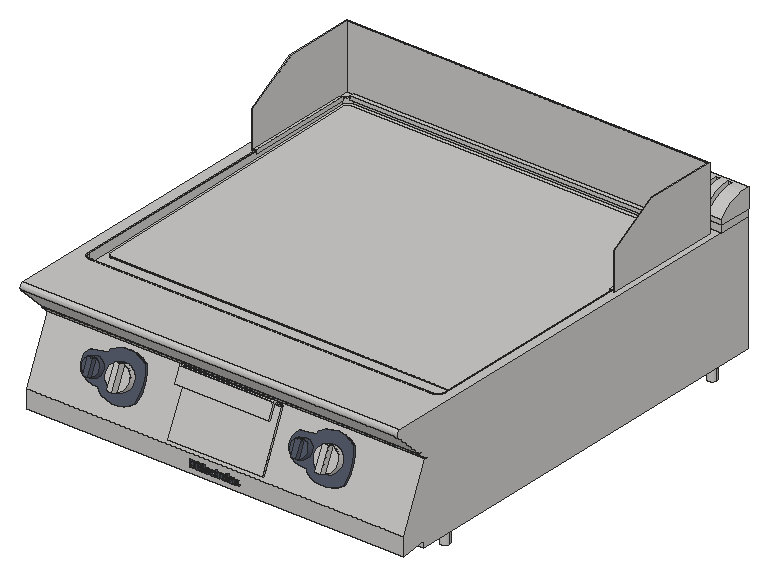
Revit family "QF_ELECTROLUXPROFESSIONAL_391054_E9FTGHCS00", category Specialty Equipment, Revit 2018 (continued)
Automatic sketch dimensions
  Extrusion 19 sketch curve to Extrusion 19 sketch curve = 0.176 mm
  Extrusion 19 sketch curve to Extrusion 19 sketch curve = 0.728 mm
  Extrusion 19 sketch curve to Extrusion 19 sketch curve = 3.375 mm  (x2)
  Extrusion 19 sketch curve to Extrusion 19 sketch curve = 0.541 mm
  Extrusion 19 sketch curve to Extrusion 19 sketch curve = 0.955 mm
  Extrusion 19 sketch curve to Extrusion 19 sketch curve = 1.251 mm
  Extrusion 19 sketch curve to Extrusion 19 sketch curve = 0.572 mm
  Extrusion 19 sketch curve to Extrusion 19 sketch curve = 1.92 mm
  Extrusion 19 sketch curve to Extrusion 19 sketch curve = 1.224 mm
  Extrusion 19 sketch curve to Extrusion 19 sketch curve = 0.745 mm
  Extrusion 19 sketch curve to Extrusion 19 sketch curve = 2.537 mm
  Extrusion 19 sketch curve to Extrusion 19 sketch curve = 0.896 mm  (x3)
  Extrusion 19 sketch curve to Extrusion 19 sketch curve = 0.036 mm
  Extrusion 19 sketch curve to Extrusion 19 sketch curve = 2.607 mm
  Extrusion 19 sketch curve to Extrusion 19 sketch curve = 0.066 mm
  Extrusion 19 sketch curve to Extrusion 19 sketch curve = 0.248 mm
  Extrusion 19 sketch curve to Extrusion 19 sketch curve = 0.449 mm
  Extrusion 19 sketch curve to Extrusion 19 sketch curve = 1.052 mm
  Extrusion 19 sketch curve to Extrusion 19 sketch curve = 1.863 mm
  Extrusion 19 sketch curve to Extrusion 19 sketch curve = 1.31 mm  (x2)
  Extrusion 19 sketch curve to Extrusion 19 sketch curve = 0.901 mm
  Extrusion 19 sketch curve to Extrusion 19 sketch curve = 1.107 mm
  Extrusion 19 sketch curve to Extrusion 19 sketch curve = 2.122 mm
  Extrusion 19 sketch curve to Extrusion 19 sketch curve = 2.101 mm
  Extrusion 19 sketch curve to Extrusion 19 sketch curve = 0.106 mm
  Extrusion 19 sketch curve to Extrusion 19 sketch curve = 0.029 mm
  Extrusion 19 sketch curve to Extrusion 19 sketch curve = 2.09 mm
  Extrusion 19 sketch curve to Extrusion 19 sketch curve = 1.279 mm
  Extrusion 19 sketch curve to Extrusion 19 sketch curve = 2.008 mm
  Extrusion 19 sketch curve to Extrusion 19 sketch curve = 0.738 mm
  Extrusion 19 sketch curve to Extrusion 19 sketch curve = 0.382 mm
  Extrusion 19 sketch curve to Extrusion 19 sketch curve = 0.384 mm
  Extrusion 19 sketch curve to Extrusion 19 sketch curve = 0.002 mm
  Extrusion 19 sketch curve to Extrusion 19 sketch curve = 0.561 mm
  Extrusion 19 sketch curve to Extrusion 19 sketch curve = 0.592 mm
  Extrusion 19 sketch curve to Extrusion 19 sketch curve = 2.692 mm
  Extrusion 19 sketch curve to Extrusion 19 sketch curve = 1.259 mm
  Extrusion 19 sketch curve to Extrusion 19 sketch curve = 0.802 mm
  Extrusion 19 sketch curve to Extrusion 19 sketch curve = 1.024 mm
  Extrusion 19 sketch curve to Extrusion 19 sketch curve = 0.682 mm
  Extrusion 19 sketch curve to Extrusion 19 sketch curve = 5.934 mm
  Extrusion 19 sketch curve to Extrusion 19 sketch curve = 2.186 mm
  Extrusion 19 sketch curve to Extrusion 19 sketch curve = 0.337 mm
  Extrusion 19 sketch curve to Extrusion 19 sketch curve = 0.021 mm
  Extrusion 19 sketch curve to Extrusion 19 sketch curve = 1.005 mm
  Extrusion 19 sketch curve to Extrusion 19 sketch curve = 0.552 mm
  Extrusion 19 sketch curve to Extrusion 19 sketch curve = 0.778 mm
  Extrusion 19 sketch curve to Extrusion 19 sketch curve = 0.063 mm
  Extrusion 19 sketch curve to Extrusion 19 sketch curve = 1.023 mm
  Extrusion 19 sketch curve to Extrusion 19 sketch curve = 3.804 mm
  Extrusion 19 sketch curve to Extrusion 19 sketch curve = 0.486 mm
  Extrusion 19 sketch curve to Extrusion 19 sketch curve = 0.266 mm
  Extrusion 19 sketch curve to Extrusion 19 sketch curve = 1.547 mm
  Extrusion 19 sketch curve to Extrusion 19 sketch curve = 0.717 mm  (x2)
  Extrusion 19 sketch curve to Extrusion 19 sketch curve = 1.667 mm
  Extrusion 19 sketch curve to Extrusion 19 sketch curve = 3.174 mm
  Extrusion 19 sketch curve to Extrusion 19 sketch curve = 0.388 mm
  Extrusion 19 sketch curve to Extrusion 19 sketch curve = 1.342 mm
  Extrusion 19 sketch curve to Extrusion 19 sketch curve = 1.521 mm
  Extrusion 19 sketch curve to Extrusion 19 sketch curve = 0.124 mm
  Extrusion 19 sketch curve to Extrusion 19 sketch curve = 0.291 mm
  Extrusion 19 sketch curve to Extrusion 19 sketch curve = 1.049 mm  (x2)
  Extrusion 19 sketch curve to Extrusion 19 sketch curve = 1.7 mm
  Extrusion 19 sketch curve to Extrusion 19 sketch curve = 0.894 mm
  Extrusion 19 sketch curve to Extrusion 19 sketch curve = 0.989 mm
  Extrusion 19 sketch curve to Extrusion 19 sketch curve = 1.168 mm
  Extrusion 19 sketch curve to Extrusion 19 sketch curve = 1.594 mm
  Extrusion 19 sketch curve to Extrusion 19 sketch curve = 0.731 mm
  Extrusion 19 sketch curve to Extrusion 19 sketch curve = 1.566 mm
  Extrusion 19 sketch curve to Extrusion 19 sketch curve = 0.064 mm
  Extrusion 19 sketch curve to Extrusion 19 sketch curve = 0.556 mm  (x2)
  Extrusion 19 sketch curve to Extrusion 19 sketch curve = 0.48 mm
  Extrusion 19 sketch curve to Extrusion 19 sketch curve = 0.228 mm
  Extrusion 19 sketch curve to Extrusion 19 sketch curve = 1.018 mm
  Extrusion 19 sketch curve to Extrusion 19 sketch curve = 0.787 mm
  Extrusion 19 sketch curve to Extrusion 19 sketch curve = 0.618 mm
  Extrusion 19 sketch curve to Extrusion 19 sketch curve = 1.672 mm
  Extrusion 19 sketch curve to Extrusion 19 sketch curve = 1.361 mm
  Extrusion 19 sketch curve to Extrusion 19 sketch curve = 0.822 mm
  Extrusion 19 sketch curve to Extrusion 19 sketch curve = 0.069 mm
  Extrusion 19 sketch curve to Extrusion 19 sketch curve = 1.88 mm
  Extrusion 19 sketch curve to Extrusion 19 sketch curve = 0.42 mm
  Extrusion 19 sketch curve to Extrusion 19 sketch curve = 0.062 mm
  Extrusion 19 sketch curve to Extrusion 19 sketch curve = 1.355 mm
  Extrusion 19 sketch curve to Extrusion 19 sketch curve = 2.34 mm
  Extrusion 19 sketch curve to Extrusion 19 sketch curve = 0.493 mm
  Extrusion 19 sketch curve to Extrusion 19 sketch curve = 0.136 mm
  Extrusion 19 sketch curve to Extrusion 19 sketch curve = 0.128 mm
  Extrusion 19 sketch curve to Extrusion 19 sketch curve = 3.616 mm
  Extrusion 19 sketch curve to Extrusion 19 sketch curve = 4.207 mm
  Extrusion 19 sketch curve to Extrusion 19 sketch curve = 0.183 mm
  Extrusion 19 sketch curve to Extrusion 19 sketch curve = 0.895 mm
  Extrusion 19 sketch curve to Extrusion 19 sketch curve = 1.314 mm
  Extrusion 19 sketch curve to Extrusion 19 sketch curve = 3.231 mm
  Extrusion 19 sketch curve to Extrusion 19 sketch curve = 1.299 mm
  Extrusion 19 sketch curve to Extrusion 19 sketch curve = 1.214 mm
  Extrusion 19 sketch curve to Extrusion 19 sketch curve = 1.264 mm
  Extrusion 19 sketch curve to Extrusion 19 sketch curve = 0.109 mm
  Extrusion 19 sketch curve to Extrusion 19 sketch curve = 0.357 mm
  Extrusion 19 sketch curve to Extrusion 19 sketch curve = 0.565 mm
  Extrusion 19 sketch curve to Extrusion 19 sketch curve = 2.504 mm
  Extrusion 19 sketch curve to Extrusion 19 sketch curve = 2.459 mm
  Extrusion 1 to Extrusion 19 sketch curve = 348.496 mm
  Extrusion 19 sketch curve to Extrusion 19 sketch curve = 0.208 mm
  Extrusion 19 sketch curve to Extrusion 19 sketch curve = 0.468 mm  (x2)
  Extrusion 19 sketch curve to Extrusion 19 sketch curve = 1.559 mm
  Extrusion 19 sketch curve to Extrusion 19 sketch curve = 0.422 mm  (x2)
  Extrusion 19 sketch curve to Extrusion 19 sketch curve = 0.494 mm
  Extrusion 19 sketch curve to Extrusion 19 sketch curve = 3.927 mm
  Extrusion 19 sketch curve to Extrusion 19 sketch curve = 0.782 mm
  Extrusion 19 sketch curve to Extrusion 19 sketch curve = 1.268 mm
  Extrusion 19 sketch curve to Extrusion 19 sketch curve = 0.671 mm
  Extrusion 19 sketch curve to Extrusion 19 sketch curve = 0.777 mm
  Extrusion 19 sketch curve to Extrusion 19 sketch curve = 0.704 mm
  Extrusion 19 sketch curve to Extrusion 19 sketch curve = 0.781 mm  (x2)
  Extrusion 19 sketch curve to Extrusion 19 sketch curve = 1.634 mm
  Extrusion 19 sketch curve to Extrusion 19 sketch curve = 0.132 mm
  Extrusion 19 sketch curve to Extrusion 19 sketch curve = 3.136 mm
  Extrusion 19 sketch curve to Extrusion 19 sketch curve = 2.422 mm
  Extrusion 19 sketch curve to Extrusion 19 sketch curve = 0.586 mm
  Extrusion 19 sketch curve to Extrusion 19 sketch curve = 2.046 mm  (x2)
  Extrusion 19 sketch curve to Extrusion 19 sketch curve = 1.241 mm
  Extrusion 19 sketch curve to Extrusion 19 sketch curve = 1.689 mm
  Extrusion 19 sketch curve to Extrusion 19 sketch curve = 2.859 mm
  Extrusion 19 sketch curve to Extrusion 19 sketch curve = 0.627 mm
  Extrusion 19 sketch curve to Extrusion 19 sketch curve = 0.863 mm
  Extrusion 19 sketch curve to Extrusion 19 sketch curve = 0.419 mm
  Extrusion 19 sketch curve to Extrusion 19 sketch curve = 1.514 mm
  Extrusion 19 sketch curve to Extrusion 19 sketch curve = 1.019 mm
  Extrusion 19 sketch curve to Extrusion 19 sketch curve = 0.065 mm
  Extrusion 19 sketch curve to Extrusion 19 sketch curve = 1.215 mm
  Extrusion 19 sketch curve to Extrusion 19 sketch curve = 2.708 mm
  Extrusion 19 sketch curve to Extrusion 19 sketch curve = 1.122 mm
  Extrusion 19 sketch curve to Extrusion 19 sketch curve = 1.153 mm
  Extrusion 19 sketch curve to Extrusion 19 sketch curve = 3.009 mm
  Extrusion 19 sketch curve to Extrusion 19 sketch curve = 0.829 mm  (x2)
  Extrusion 19 sketch curve to Extrusion 19 sketch curve = 0.934 mm
  Extrusion 19 sketch curve to Extrusion 19 sketch curve = 3.376 mm
  Extrusion 19 sketch curve to Extrusion 19 sketch curve = 0.222 mm
  Extrusion 19 sketch curve to Extrusion 19 sketch curve = 1.383 mm
  Extrusion 19 sketch curve to Extrusion 19 sketch curve = 1.556 mm
  Extrusion 19 sketch curve to Extrusion 19 sketch curve = 2.559 mm
  Extrusion 19 sketch curve to Extrusion 19 sketch curve = 2.51 mm
  Extrusion 19 sketch curve to Extrusion 19 sketch curve = 0.131 mm
  Extrusion 19 sketch curve to Extrusion 19 sketch curve = 1.717 mm
  Extrusion 19 sketch curve to Extrusion 19 sketch curve = 1.134 mm
  Extrusion 19 sketch curve to Extrusion 19 sketch curve = 0.366 mm
  Extrusion 19 sketch curve to Extrusion 19 sketch curve = 0.094 mm
  Extrusion 19 sketch curve to Extrusion 19 sketch curve = 1.584 mm
  Extrusion 19 sketch curve to Extrusion 19 sketch curve = 1.501 mm
  Extrusion 19 sketch curve to Extrusion 19 sketch curve = 0.27 mm
  Extrusion 19 sketch curve to Extrusion 19 sketch curve = 1.808 mm
  Extrusion 19 sketch curve to Extrusion 19 sketch curve = 0.643 mm
  Extrusion 19 sketch curve to Extrusion 19 sketch curve = 0.916 mm
  Extrusion 19 sketch curve to Extrusion 19 sketch curve = 0.352 mm
  Extrusion 19 sketch curve to Extrusion 19 sketch curve = 0.458 mm
  Extrusion 19 sketch curve to Extrusion 19 sketch curve = 1.282 mm
  Extrusion 19 sketch curve to Extrusion 19 sketch curve = 1.363 mm
  Extrusion 19 sketch curve to Extrusion 19 sketch curve = 0.685 mm
  Extrusion 19 sketch curve to Extrusion 19 sketch curve = 0.905 mm
  Extrusion 19 sketch curve to Extrusion 19 sketch curve = 2.865 mm
  Extrusion 19 sketch curve to Extrusion 19 sketch curve = 0.472 mm
  Extrusion 19 sketch curve to Extrusion 19 sketch curve = 0.101 mm
  Extrusion 19 sketch curve to Extrusion 19 sketch curve = 0.54 mm
  Extrusion 19 sketch curve to Extrusion 19 sketch curve = 0.02 mm
  Extrusion 19 sketch curve to Extrusion 19 sketch curve = 0.582 mm
  Extrusion 19 sketch curve to Extrusion 19 sketch curve = 0.166 mm
  Extrusion 19 sketch curve to Extrusion 19 sketch curve = 0.16 mm
  Extrusion 19 sketch curve to Extrusion 19 sketch curve = 2.781 mm
  Extrusion 19 sketch curve to Extrusion 19 sketch curve = 1.118 mm
  Extrusion 19 sketch curve to Extrusion 19 sketch curve = 0.613 mm
  Extrusion 19 sketch curve to Extrusion 19 sketch curve = 0.361 mm
  Extrusion 19 sketch curve to Extrusion 19 sketch curve = 0.897 mm
  Extrusion 19 sketch curve to Extrusion 19 sketch curve = 0.167 mm
  Extrusion 19 sketch curve to Extrusion 19 sketch curve = 0.292 mm
  Extrusion 19 sketch curve to Extrusion 19 sketch curve = 0.305 mm
  Extrusion 19 sketch curve to Extrusion 19 sketch curve = 1.557 mm
  Extrusion 19 sketch curve to Extrusion 19 sketch curve = 2.499 mm
  Extrusion 19 sketch curve to Extrusion 19 sketch curve = 3.062 mm
  Extrusion 19 sketch curve to Extrusion 19 sketch curve = 2.968 mm
  Extrusion 19 sketch curve to Extrusion 19 sketch curve = 5.044 mm
  Extrusion 19 sketch curve to Extrusion 19 sketch curve = 0.629 mm  (x2)
  Extrusion 19 sketch curve to Extrusion 19 sketch curve = 1.131 mm
  Extrusion 19 sketch curve to Extrusion 19 sketch curve = 0.137 mm
  Extrusion 19 sketch curve to Extrusion 19 sketch curve = 0.027 mm
  Extrusion 19 sketch curve to Extrusion 19 sketch curve = 2.235 mm
  plane 5 "FRONT" to Extrusion 30 sketch curve = 0 mm  (x2)
  Extrusion 30 sketch curve to plane 3 "LEFT" = 0 mm
  Extrusion 30 sketch curve to plane 4 "RIGHT" = 0 mm
  plane 1 "BACK" to Extrusion 30 sketch curve = 0 mm
  Extrusion 30 sketch curve to plane 3 "LEFT" = 100 mm
  Extrusion 30 sketch curve to plane 4 "RIGHT" = 100 mm
  Extrusion 30 sketch curve to plane 1 "BACK" = 100 mm
  Extrusion 31 to Extrusion 15 sketch curve = 20 mm
  Extrusion 15 sketch curve to Extrusion 31 = 52.285 mm
  Extrusion 15 sketch curve to Extrusion 15 sketch curve = 9.999 mm  (x3)
  Extrusion 31 to Extrusion 15 sketch curve = 30 mm
  Extrusion 15 sketch curve to Extrusion 15 sketch curve = 10 mm  (x3)
  Extrusion 15 sketch curve to Extrusion 31 = 23.517 mm  (x2)
  Extrusion 31 to Extrusion 15 sketch curve = 10 mm
  Extrusion 32 sketch curve to plane 7 "Center Y" = 11.804 mm
  plane 7 "Center Y" to Extrusion 32 sketch curve = 11.804 mm
  Extrusion 32 sketch curve to plane 5 "FRONT" = 151.264 mm
  Extrusion 32 sketch curve to Extrusion 32 sketch curve = 7.5 mm
  Extrusion 31 sketch curve to plane 6 "TOP" = 21.587 mm
  Extrusion 31 sketch curve to plane 5 "FRONT" = 137.461 mm
  plane 1 "BACK" to Extrusion 31 sketch curve = 92.539 mm
  Extrusion 31 sketch curve to Extrusion 31 sketch curve = 1.566 mm
  Extrusion 31 sketch curve to plane 6 "TOP" = 10.7 mm
  curve 10 to plane 3 "LEFT" = 0 mm
  curve 4 to plane 9 = 0 mm
  plane 5 "FRONT" to curve 4 = 0 mm
  curve 151 to plane 7 "Center Y" = 0 mm
  curve 7 to plane 4 "RIGHT" = 0 mm
  plane 5 "FRONT" to curve 1 = 0 mm
  plane 5 "FRONT" to curve 3 = 0 mm
  plane 1 "BACK" to curve 8 = 0 mm
  plane 14 to curve 26 = 4.442 mm
  plane 14 to curve 13 = 11.03 mm
  curve 37 to curve 14 = 6.721 mm
  curve 14 to curve 33 = 3.351 mm
  plane 14 to curve 40 = 18.703 mm
  plane 14 to curve 19 = 21.03 mm
  curve 33 to curve 30 = 6.516 mm
  curve 13 to curve 11 = 15 mm
  curve 20 to curve 14 = 5 mm
  curve 40 to curve 41 = 9.296 mm
  curve 19 to curve 19 = 10 mm
  curve 14 to curve 22 = 5 mm
  plane 1 "BACK" to curve 43 = 6.761 mm
  curve 38 to curve 43 = 16.193 mm
  curve 42 to curve 45 = 9.296 mm
  plane 1 "BACK" to curve 48 = 6.761 mm
  curve 43 to curve 48 = 16.193 mm
  curve 47 to curve 47 = 9.296 mm
  plane 1 "BACK" to curve 53 = 6.761 mm
  curve 46 to curve 53 = 16.193 mm
  curve 51 to curve 51 = 9.296 mm
  plane 1 "BACK" to curve 56 = 6.761 mm
  curve 50 to curve 56 = 16.193 mm
  curve 55 to curve 55 = 9.296 mm
  plane 1 "BACK" to curve 61 = 6.761 mm
  curve 54 to curve 61 = 16.193 mm
  curve 60 to curve 58 = 9.296 mm
  curve 58 to curve 64 = 16.193 mm
  curve 63 to curve 62 = 9.296 mm
  plane 1 "BACK" to curve 90 = 6.761 mm
  curve 62 to curve 90 = 16.193 mm
  curve 90 to curve 92 = 9.296 mm
  plane 1 "BACK" to curve 66 = 6.761 mm
  curve 91 to curve 66 = 16.193 mm
  curve 66 to curve 68 = 9.296 mm
  plane 1 "BACK" to curve 73 = 6.761 mm
  curve 67 to curve 73 = 16.193 mm
  curve 71 to curve 71 = 9.296 mm
  plane 1 "BACK" to curve 76 = 6.761 mm
  curve 70 to curve 76 = 16.193 mm
  curve 76 to curve 74 = 9.296 mm
  curve 4 to plane 7 "Center Y" = 99.95 mm
  curve 74 to curve 79 = 16.193 mm
  curve 79 to curve 78 = 9.296 mm
  plane 1 "BACK" to curve 84 = 6.761 mm
  curve 78 to curve 84 = 16.193 mm
  curve 84 to curve 82 = 9.296 mm
  curve 82 to curve 88 = 16.193 mm
  curve 88 to curve 89 = 9.296 mm
  plane 7 "Center Y" to curve 143 = 29.653 mm
  curve 143 to curve 146 = 9.296 mm
  plane 1 "BACK" to curve 139 = 6.761 mm
  curve 145 to curve 139 = 16.193 mm
  curve 139 to curve 142 = 9.296 mm
  curve 140 to curve 135 = 16.193 mm
  curve 135 to curve 138 = 9.296 mm
  plane 7 "Center Y" to curve 6 = 100.05 mm
  plane 1 "BACK" to curve 131 = 6.761 mm
  curve 137 to curve 131 = 16.193 mm
  curve 131 to curve 133 = 9.296 mm
  plane 1 "BACK" to curve 130 = 6.761 mm
  curve 133 to curve 130 = 16.193 mm
  curve 127 to curve 129 = 9.296 mm
  plane 1 "BACK" to curve 125 = 6.761 mm
  curve 129 to curve 125 = 16.193 mm
  curve 124 to curve 124 = 9.296 mm
  curve 123 to curve 149 = 16.193 mm
  curve 148 to curve 148 = 9.296 mm
  plane 1 "BACK" to curve 119 = 6.761 mm
  curve 147 to curve 119 = 16.193 mm
  curve 119 to curve 120 = 9.296 mm
  plane 1 "BACK" to curve 118 = 6.761 mm
  curve 121 to curve 118 = 16.193 mm
  curve 115 to curve 117 = 9.296 mm
  curve 116 to curve 112 = 16.193 mm
  curve 111 to curve 114 = 9.296 mm
  plane 1 "BACK" to curve 107 = 6.761 mm
  curve 113 to curve 107 = 16.193 mm
  curve 107 to curve 108 = 9.296 mm
  plane 1 "BACK" to curve 106 = 6.761 mm
  curve 109 to curve 106 = 16.193 mm
  curve 103 to curve 105 = 9.296 mm
  plane 12 to curve 102 = 12.487 mm
  plane 12 to curve 102 = 3.191 mm
  curve 23 to plane 12 = 9.97 mm
  curve 25 to plane 12 = 9.97 mm
  curve 95 to plane 12 = 13.001 mm
  curve 23 to curve 15 = 5 mm
  curve 11 to plane 12 = 14.97 mm
  curve 25 to curve 25 = 10 mm
  curve 15 to curve 30 = 5 mm
  curve 95 to curve 97 = 9.296 mm
  plane 15 to curve 36 = 14.401 mm
  curve 32 to curve 15 = 3.351 mm
  plane 15 to curve 16 = 10.917 mm
  plane 15 to curve 28 = 4.33 mm
  curve 12 to plane 5 "FRONT" = 137.461 mm
  curve 12 to curve 18 = 38.847 mm
  plane 8 "Center X" to curve 34 = 129.61 mm
  plane 8 "Center X" to curve 16 = 129.61 mm
  curve 16 to curve 28 = 0 mm
  curve 15 to curve 23 = 1.462 mm
  curve 14 to curve 21 = 1.462 mm
  curve 15 to curve 32 = 1.998 mm
  curve 21 to curve 14 = 10.536 mm
  curve 30 to curve 14 = 2.318 mm
  curve 15 to curve 29 = 10.007 mm
  plane 1 "BACK" to curve 151 = 69.85 mm
  curve 93 to curve 91 = 57.15 mm
  curve 150 to curve 119 = 57.15 mm
  curve 151 to curve 145 = 5.939 mm
  curve 31 to curve 38 = 19.479 mm
  curve 144 to curve 141 = 0 mm
  curve 38 to curve 42 = 0 mm
  curve 140 to curve 137 = 0 mm
  curve 44 to curve 46 = 0 mm
  curve 136 to curve 133 = 0 mm
  curve 46 to curve 50 = 0 mm
  curve 132 to curve 129 = 0 mm
  curve 50 to curve 54 = 0 mm
  curve 126 to curve 149 = 0 mm
  curve 54 to curve 58 = 0 mm
  curve 147 to curve 121 = 0 mm
  curve 62 to curve 90 = 0 mm
  curve 120 to curve 117 = 0 mm
  curve 92 to curve 66 = 0 mm
  curve 116 to curve 113 = 0 mm
  curve 68 to curve 70 = 0 mm
  curve 112 to curve 109 = 0 mm
  curve 70 to curve 75 = 0 mm
  curve 108 to curve 105 = 0 mm
  curve 74 to curve 78 = 0 mm
  curve 104 to curve 102 = 0 mm
  curve 78 to curve 82 = 0 mm
  curve 29 to curve 97 = 19.479 mm
  curve 82 to curve 86 = 0 mm
  plane 1 "BACK" to curve 89 = 6.761 mm
  plane 1 "BACK" to curve 95 = 6.761 mm
  plane 1 "BACK" to curve 99 = 6.761 mm
  plane 1 "BACK" to curve 81 = 6.761 mm
  plane 1 "BACK" to curve 149 = 6.761 mm
  plane 1 "BACK" to curve 111 = 6.761 mm
  plane 1 "BACK" to curve 65 = 6.761 mm
  plane 1 "BACK" to curve 135 = 6.761 mm
  plane 1 "BACK" to curve 41 = 6.761 mm
  plane 1 "BACK" to curve 143 = 6.761 mm
  plane 7 "Center Y" to curve 152 = 400 mm
  curve 151 to curve 152 = 0 mm
  curve 23 to curve 99 = 52.166 mm
  radius of Extrusion 21 sketch curve = 25.4 mm
  radius of Extrusion 22 sketch curve to Extrusion 21 = 0 mm  (x2)
  radius of Extrusion 23 sketch curve = 18.37 mm
  radius of Extrusion 26 sketch curve = 25.4 mm
  radius of Extrusion 27 sketch curve to Extrusion 26 = 0 mm  (x2)
  radius of Extrusion 28 sketch curve = 18.37 mm
  radius of Extrusion 2 sketch curve = 9.525 mm  (x4)
  radius of Extrusion 18 sketch curve = 6.35 mm
Connectors
  piping at (748, -664, 7), diameter 12.7
    settings: on Extrusion 18, index 1, connector inside diameter 1/2", connector length 0 mm, flow factor 0, pipe flow 0 GPM, pressure drop 0.00 psi, fitting loss kfactor 0, connector angle 0.00°, fixture units 0, engagement length 0 mm, angle of deflection 0.00°, flow configuration 1, flow direction 1, fitting loss method 0, system type 7, joint type 0, gender type 0, connector reference index -1, connector utility 0, adjustable connector no, is connector primary yes, connector description "GAS CONNECTION"
